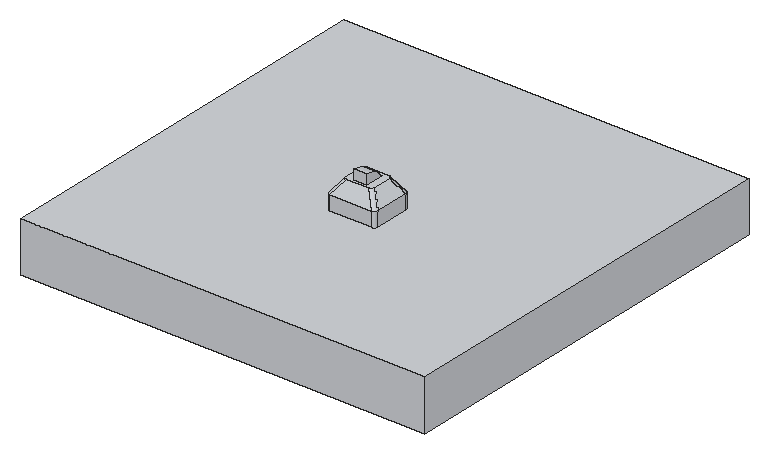
Revit family "M_Secador de mãos", category Iluminação elétrica, Revit 2019
Family settings
  Hospedeiro = Face
  Manter orientação da anotação = Sim
  Cota do conector redondo = Utilizar diâmetro
  Tipo de parte = Normal
  Número OmniClass = 23.45.70.11
  Título OmniClass = Laundry Equipment
  ID de item do Seek = Hand Dryer-0000-CAN-ENU
  Corte com vazios quando carregada = Não
  Compartilhado = Não
  Ponto de cálculo do ambiente = Não
Parameters (values of type "120 V")
  Largura 1 = Largura * 0.2  # 50.2 mm
  Largura = 251 mm
  Voltagem = 120 V
  Número de pólos = 1
  Material do bocal = none
  Classificação de carga = Eletrodoméstico - Unidade de interrupção
  Comprimento 1 = Comprimento * 0.6  # 173.4 mm
  Comprimento = 289 mm
  Legenda = "D"
  Altura = 225 mm
  Material do recobrimento = none
  Elevação-padrão = 1016 mm
  Carga aparente = 1725 VA
  Fluxo de ar = 76.0 L/s
Types (3, lengths in mm): name | Voltagem | Número de pólos | Carga aparente
  (no name) | 120 V | 1 | 1725 VA
  120 V | 120 V | 1 | 1725 VA
  208 V | 208 V | 3 | 2300 VA
Reference planes
  plane 1 "Centro (Frente/Trás)": y = 0
  plane 2: z = 0
  plane 3 "Centro (Esquerda/Direita)": x = 0
  plane 4: y = -251
  plane 5: x = -144.5
  plane 6: x = 144.5
  plane 7: z = 225
  plane 8: z = 167.85
  plane 9: z = 83.925
  plane 10: x = -125.45
  plane 11: x = 125.45
  plane 12: y = -19.05
  plane 13: y = -231.95
  plane 14: y = -50.2
  plane 15: y = -200.8
  plane 16: x = -86.7
  plane 17: x = 86.7
  plane 18: y = -69.25
  plane 19: y = -181.75
  plane 20: x = -67.65
  plane 21: x = 67.65
  plane 22: z = 196.425
  plane 23: x = -38.1
  plane 24: x = 38.1
  plane 25: y = -25.4
  plane 26: x = -74.65
Forms (mm)
  Extrusion 1, solid
    sketch origin (0, 0, 0) x (1, 0, 0) y (0, 1, 0)
      loop
        line (-1219.2, 1219.2) -> (-1219.2, -1219.2) -> (1219.2, -1219.2) -> (1219.2, 1219.2) -> (-1219.2, 1219.2)
    from 0 to -304.8
  Extrusion 2, solid, material <- "Material do recobrimento"
    sketch origin (0, 0, 0) x (1, 0, 0) y (0, 1, 0)
      loop
        line (-144.5, -19.05) -> (-144.5, -231.95)
        arc (-144.5, -231.95) -> (-138.92, -245.42) -> (-125.45, -251) r 19.05
        line (-125.45, -251) -> (125.45, -251)
        arc (125.45, -251) -> (138.92, -245.42) -> (144.5, -231.95) r 19.05
        line (144.5, -231.95) -> (144.5, -19.05)
        arc (144.5, -19.05) -> (138.92, -5.58) -> (125.45, 0) r 19.05
        line (125.45, 0) -> (-125.45, 0)
        arc (-125.45, 0) -> (-138.92, -5.58) -> (-144.5, -19.05) r 19.05
    from 0 to 83.925
  Blend 3, solid, material <- "Material do recobrimento"
    base sketch origin (0, 0, 0) x (1, 0, 0) y (0, 1, 0)
      loop
        arc (-125.45, 0) -> (-138.92, -5.58) -> (-144.5, -19.05) r 19.05
        line (-144.5, -19.05) -> (-144.5, -231.95)
        arc (-144.5, -231.95) -> (-138.92, -245.42) -> (-125.45, -251) r 19.05
        line (-125.45, -251) -> (125.45, -251)
        arc (125.45, -251) -> (138.92, -245.42) -> (144.5, -231.95) r 19.05
        line (144.5, -231.95) -> (144.5, -19.05)
        arc (144.5, -19.05) -> (138.92, -5.58) -> (125.45, 0) r 19.05
        line (125.45, 0) -> (-125.45, 0)
    top sketch origin (0, 0, 0) x (1, 0, 0) y (0, 1, 0)
      loop
        line (-86.7, -69.25) -> (-86.7, -181.75)
        arc (-86.7, -181.75) -> (-81.12, -195.22) -> (-67.65, -200.8) r 19.05
        line (-67.65, -200.8) -> (67.65, -200.8)
        arc (67.65, -200.8) -> (81.12, -195.22) -> (86.7, -181.75) r 19.05
        line (86.7, -181.75) -> (86.7, -69.25)
        arc (86.7, -69.25) -> (81.12, -55.78) -> (67.65, -50.2) r 19.05
        line (67.65, -50.2) -> (-67.65, -50.2)
        arc (-67.65, -50.2) -> (-81.12, -55.78) -> (-86.7, -69.25) r 19.05
    from 83.925 to 167.85
  Extrusion 4, solid, material <- "Material do bocal"
    sketch origin (0, 0, 0) x (0, 1, 0) y (0, 0, 1)
      loop
        line (-181.75, 225) -> (-181.75, 167.85) -> (-69.25, 167.85)
        arc (-69.25, 167.85) -> (-118.658, 209.893) -> (-181.75, 225) r 139.303
    from -38.1 to 38.1
  Extrusion 5, solid, material <- "Material do recobrimento"
    sketch origin (0, 0, 0) x (1, 0, 0) y (0, 1, 0)
      loop
        circle (-74.65, -25.4) r 9.878
    from 0 to 31.093
Cuts and joins
  joined: Extrusion 2, Extrusion 5
Lines and regions (mm)
  symbolic lines, detail levels fine
    curve 1: line (-144.5, 0, 0) -> (144.5, 0, 0)
    curve 2: line (144.5, 0, 83.925) -> (-144.5, 0, 83.925)
    curve 3: line (86.7, 0, 167.85) -> (-86.7, 0, 167.85)
    curve 4: line (-38.1, 0, 225) -> (-38.1, 0, 167.85)
    curve 5: line (38.1, 0, 167.85) -> (38.1, 0, 225)
    curve 6: line (-38.1, 0, 225) -> (38.1, 0, 225)
    curve 7: line (-86.7, 0, 167.85) -> (-144.5, 0, 83.925)
    curve 8: line (86.7, 0, 167.85) -> (144.5, 0, 83.925)
    curve 9: line (144.5, 0, 83.925) -> (144.5, 0, 0)
    curve 10: line (-144.5, 0, 83.925) -> (-144.5, 0, 0)
Dimensions and locks
  equal spacing: plane 5, plane 3 "Centro (Esquerda/Direita)", plane 6
  "Comprimento": plane 5 to plane 6
  "Largura": plane 4 to plane 1 "Centro (Frente/Trás)"
  "Altura": plane 7 to plane 2
  locked: plane 7 to plane 8 at 57.15
  equal spacing: plane 8, plane 9, plane 2
  locked: plane 1 "Centro (Frente/Trás)" to plane 12 at 19.05
  locked: plane 13 to plane 4 at 19.05
  locked: plane 5 to plane 10 at 19.05
  locked: plane 11 to plane 6 at 19.05
  "Largura 1": plane 1 "Centro (Frente/Trás)" to plane 14
  "Largura 1": plane 15 to plane 4
  equal spacing: plane 16, plane 3 "Centro (Esquerda/Direita)", plane 17
  "Comprimento 1": plane 16 to plane 17
  locked: plane 16 to plane 20 at 19.05
  locked: plane 21 to plane 17 at 19.05
  locked: plane 14 to plane 18 at 19.05
  locked: plane 19 to plane 15 at 19.05
  locked: plane 7 to plane 22 at 28.575
  locked: plane 23 to plane 3 "Centro (Esquerda/Direita)" at 38.1
  locked: plane 3 "Centro (Esquerda/Direita)" to plane 24 at 38.1
  locked: plane 5 to plane 26 at 69.85
  locked: plane 1 "Centro (Frente/Trás)" to plane 25 at 25.4
  aligned and locked: plane 2 to Extrusion 1
  aligned and locked: level to Extrusion 1
  aligned and locked: Extrusion 2 sketch curve to plane 5
  aligned and locked: plane 10 to Extrusion 2 sketch curve  (x4)
  aligned and locked: plane 12 to Extrusion 2 sketch curve  (x3)
  aligned and locked: Extrusion 2 sketch curve to plane 6
  aligned and locked: Extrusion 2 sketch curve to plane 4
  aligned and locked: plane 13 to Extrusion 2 sketch curve  (x2)
  aligned and locked: plane 11 to Extrusion 2 sketch curve  (x2)
  aligned and locked: Extrusion 2 to plane 2
  aligned and locked: plane 9 to Extrusion 2
  aligned and locked: Blend 3 sketch curve to Extrusion 2  (x4)
  aligned and locked: plane 20 to Blend 3 sketch curve  (x3)
  aligned and locked: Blend 3 sketch curve to plane 15
  aligned and locked: plane 19 to Blend 3 sketch curve  (x3)
  aligned and locked: plane 17 to Blend 3 sketch curve
  aligned and locked: plane 21 to Blend 3 sketch curve  (x3)
  aligned and locked: Blend 3 sketch curve to plane 14
  aligned and locked: plane 18 to Blend 3 sketch curve  (x2)
  aligned and locked: Blend 3 to plane 9
  aligned and locked: plane 8 to Blend 3
  aligned and locked: plane 7 to Extrusion 4 sketch curve
  aligned and locked: Extrusion 4 sketch curve to plane 19
  aligned and locked: Extrusion 4 sketch curve to Blend 3
  aligned and locked: Extrusion 4 to plane 23
  aligned and locked: plane 24 to Extrusion 4
  aligned and locked: Extrusion 5 to plane 2
  aligned and locked: curve 1 to cut or joined group of Extrusion 2, Extrusion 5
  aligned and locked: curve 2 to cut or joined group of Extrusion 2, Extrusion 5
  aligned and locked: curve 3 to Blend 3
  aligned and locked: curve 4 to Extrusion 4
  aligned and locked: curve 5 to Extrusion 4
  aligned and locked: curve 6 to Extrusion 4
  aligned and locked: curve 7 to Blend 3
  aligned and locked: curve 8 to Blend 3
  aligned and locked: curve 10 to cut or joined group of Extrusion 2, Extrusion 5
  aligned and locked: plane 1 "Centro (Frente/Trás)" to nested 1
  aligned and locked: plane 3 "Centro (Esquerda/Direita)" to nested 1
Automatic sketch dimensions
  Extrusion 1 sketch curve to Extrusion 1 sketch curve = 2438.4 mm  (x2)
  Extrusion 4 sketch curve to plane 18 = 0 mm
  Extrusion 5 sketch curve to plane 25 = 0 mm
  Extrusion 5 sketch curve to plane 26 = 0 mm
  radius of Extrusion 5 sketch curve = 9.878 mm
Nested families
  nested 1: "M_Anotação do secador de mãos" at (0, 0, 0), type "Anotação do secador de mãos", detail levels coarse+medium
Connectors
  electrical at (-74.65, -25.4, 0), driven by "Voltagem", driven by "Carga aparente", driven by "Número de pólos", driven by "Carga aparente", driven by "Classificação de carga"
    settings: on Extrusion 5, index 1, voltage 120 V, apparent load 1725 VA, apparent load phase1 1725 VA, apparent load phase2 0 VA, apparent load phase3 0 VA, power factor 1, load classification "Eletrodoméstico - Unidade de interrupção", number of poles 1, system type 30, power factor state 1, is connector primary yes, connector utility no, sub classification motor no, connector description ""
Definition of nested family "M_Anotação do secador de mãos"
  Parameters
    Anotação de legenda = "D"
  Reference planes
    plane 1: y = 0
    plane 2: x = 0
  Lines and regions (mm)
    reference lines
      curve 1: line (2.381, 9.274, 0) -> (2.381, -7.768, 0)
    detail lines
      curve 2: line (2.381, 2.381, 0) -> (0, 4.762, 0)
      curve 3: line (0, 4.762, 0) -> (-2.381, 2.381, 0)
      curve 4: line (-2.381, 2.381, 0) -> (0, 0, 0)
      curve 5: line (0, 0, 0) -> (2.381, 2.381, 0)
  Text (mm)
    label "D" at (-0.984, 2.379, 0), shows "Anotação de legenda"
  Dimensions and locks
    locked: plane 2 to curve 1 at 2.381
